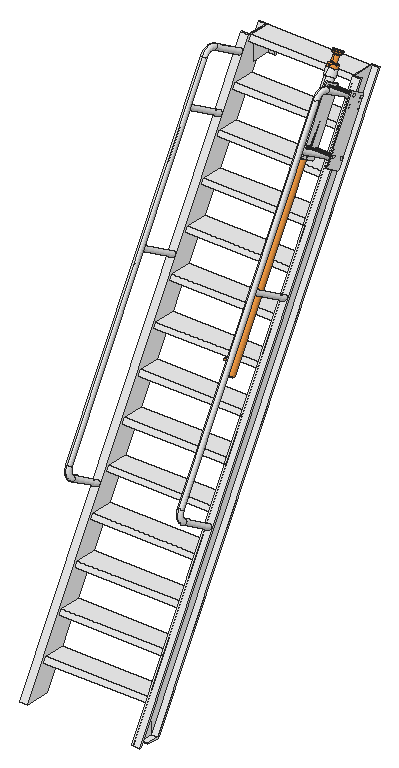
Revit family "Construction_Stairs-Precision_Ladders-Ships_Ladder-V1", category Specialty Equipment, Revit 2019 (continued)
Definition of nested family "Ladder"
  Definition of nested family "Construction_Stairs-Precision_Ladders-Extend_A_Rail_Ladder_Safety_Post"
    Dimensions and locks (in)
      aligned and locked: Extrusion 22 to plane 8
      aligned and locked: plane 12 to Revolve 14
      aligned and locked: plane 11 to Revolve 14
      aligned and locked: plane 11 to cut or joined group of Sweep 3, Sweep 6, Revolve 7, Sweep 10, Sweep 11, Sweep 12, Revolve 13, Sweep 15, Revolve 16, Sweep 18, Revolve 19, Sweep 28
      aligned and locked: plane 10 to Revolve 17
      aligned and locked: plane 9 to Revolve 17
      aligned and locked: plane 16 to Revolve 31
      aligned and locked: plane 15 to Revolve 31
      aligned and locked: plane 14 to Revolve 34
      aligned and locked: plane 13 to Revolve 34
      aligned and locked: plane 5 to Extrusion 20
      aligned and locked: Extrusion 21 to Extrusion 20
      aligned and locked: plane 6 to Extrusion 20
      aligned and locked: Masking region 5 sketch curve to Extrusion 2  (x4)
      aligned and locked: Extrusion 23 to Masking region 6 sketch curve  (x2)
      aligned and locked: Masking region 6 sketch curve to Extrusion 23  (x6)
      aligned and locked: Masking region 7 sketch curve to Extrusion 20  (x4)
      aligned and locked: Masking region 8 sketch curve to Extrusion 22  (x7)
      aligned and locked: Extrusion 22 to Masking region 8 sketch curve
      aligned and locked: Masking region 9 sketch curve to Extrusion 2  (x2)
      aligned and locked: Masking region 9 sketch curve to Extrusion 20  (x2)
      aligned and locked: Masking region 9 sketch curve to plane 4  (x2)
      aligned and locked: Masking region 9 sketch curve to plane 6  (x2)
      aligned and locked: plane 3 "Center (Left/Right)" to Sweep 3 sketch curve  (x2)
      aligned and locked: plane 3 "Center (Left/Right)" to Sweep 4 sketch curve
      aligned and locked: Sweep 4 sketch curve to plane 3 "Center (Left/Right)"
      aligned and locked: Sweep 5 sketch curve to plane 3 "Center (Left/Right)"
      aligned and locked: plane 3 "Center (Left/Right)" to Sweep 5 sketch curve  (x2)
      aligned and locked: Sweep 6 sketch curve to plane 3 "Center (Left/Right)"
      aligned and locked: plane 3 "Center (Left/Right)" to Sweep 6 sketch curve
      aligned and locked: Revolve 7 sketch curve to plane 3 "Center (Left/Right)"
      aligned and locked: plane 3 "Center (Left/Right)" to Revolve 7 sketch curve
      aligned and locked: plane 3 "Center (Left/Right)" to Sweep 10 sketch curve
      aligned and locked: Revolve 13 sketch curve to plane 3 "Center (Left/Right)"
      aligned and locked: plane 3 "Center (Left/Right)" to Revolve 14 sketch curve  (x2)
      aligned and locked: plane 3 "Center (Left/Right)" to Sweep 15 sketch curve  (x2)
      aligned and locked: plane 3 "Center (Left/Right)" to Revolve 16 sketch curve
      aligned and locked: Revolve 16 sketch curve to plane 3 "Center (Left/Right)"
      aligned and locked: Revolve 17 sketch curve to plane 3 "Center (Left/Right)"
      aligned and locked: plane 3 "Center (Left/Right)" to Sweep 18 sketch curve  (x2)
      aligned and locked: Revolve 19 sketch curve to plane 3 "Center (Left/Right)"
      aligned and locked: plane 3 "Center (Left/Right)" to Sweep 24 sketch curve  (x2)
      aligned and locked: Sweep 25 sketch curve to plane 3 "Center (Left/Right)"
      aligned and locked: plane 3 "Center (Left/Right)" to Sweep 25 sketch curve
      aligned and locked: Revolve 26 sketch curve to plane 3 "Center (Left/Right)"
      aligned and locked: plane 3 "Center (Left/Right)" to Revolve 26 sketch curve
      aligned and locked: plane 3 "Center (Left/Right)" to Sweep 27 sketch curve  (x2)
      aligned and locked: Revolve 30 sketch curve to plane 3 "Center (Left/Right)"
      aligned and locked: plane 3 "Center (Left/Right)" to Revolve 31 sketch curve
      aligned and locked: plane 3 "Center (Left/Right)" to Sweep 32 sketch curve  (x2)
      aligned and locked: plane 3 "Center (Left/Right)" to Revolve 33 sketch curve
      aligned and locked: Revolve 34 sketch curve to plane 3 "Center (Left/Right)"
      aligned and locked: plane 3 "Center (Left/Right)" to Sweep 35 sketch curve  (x2)
      aligned and locked: Revolve 36 sketch curve to plane 3 "Center (Left/Right)"
      aligned and locked: Sweep 8 sketch curve to plane 2
      aligned and locked: Sweep 24 sketch curve to plane 2
    Automatic sketch dimensions
      Extrusion 1 sketch curve to Extrusion 1 sketch curve = 8' - 0"
      Extrusion 1 sketch curve to Extrusion 1 sketch curve = 10' - 7"
      Extrusion 2 sketch curve to Extrusion 2 sketch curve = 0' - 0 1/4"  (x4)
      Extrusion 2 sketch curve to Extrusion 2 sketch curve = 0' - 0 3/16"  (x6)
      plane 3 "Center (Left/Right)" to Extrusion 2 sketch curve = 0' - 1 3/16"  (x2)
      Extrusion 2 sketch curve to Extrusion 2 sketch curve = 0' - 0 7/16"  (x4)
      Extrusion 2 sketch curve to Extrusion 2 sketch curve = 0' - 3"
      Extrusion 2 sketch curve to Extrusion 2 sketch curve = 0' - 0"  (x2)
      Extrusion 2 sketch curve to Extrusion 2 sketch curve = 0' - 3 7/16"
      Revolve 7 sketch curve to Revolve 7 sketch curve = 0' - 0 5/16"
      Sweep 8 sketch curve to Sweep 8 sketch curve = 0' - 0"  (x2)
      profile plane to Sweep 8 sketch curve = 0' - 0 1/2"
      profile plane to Sweep 8 sketch curve = 0' - 0 19/64"
      Sweep 8 sketch curve to Sweep 8 sketch curve = 0' - 0 3/64"
      Sweep 8 sketch curve to profile plane = 0' - 0 7/64"
      Sweep 8 sketch curve to Sweep 8 sketch curve = 0' - 0 9/64"
      level to Sweep 8 sketch curve = 0' - 1 1/4"
      Sweep 8 sketch curve to Sweep 8 sketch curve = 0' - 0.53742"
      Sweep 8 sketch curve to Sweep 8 sketch curve = 0' - 0.12402"
      Extrusion 9 sketch curve to Extrusion 9 sketch curve = 0' - 0"  (x2)
      Extrusion 9 sketch curve to plane 3 "Center (Left/Right)" = 0' - 0"
      Extrusion 9 sketch curve to Extrusion 9 sketch curve = 0' - 0.1329"
      Sweep 10 sketch curve to plane 3 "Center (Left/Right)" = 0' - 0"
      plane 7 to Sweep 12 sketch curve = 0' - 0.70662"
      Sweep 12 sketch curve to profile plane = 0' - 0"
      Revolve 13 sketch curve to plane 3 "Center (Left/Right)" = 0' - 0"
      Revolve 14 sketch curve to plane 12 = 0' - 0"
      Revolve 14 sketch curve to Revolve 14 sketch curve = 0' - 0"
      Revolve 14 sketch curve to plane 12 = 0' - 0.42102"
      Revolve 14 sketch curve to Revolve 14 sketch curve = 0' - 0.25937"
      Revolve 16 sketch curve to plane 10 = 0' - 0.36398"
      Revolve 16 sketch curve to Revolve 16 sketch curve = 0' - 1.38602"
      Revolve 17 sketch curve to plane 9 = 0' - 0"
      Revolve 17 sketch curve to plane 3 "Center (Left/Right)" = 0' - 0"
      Revolve 17 sketch curve to Revolve 17 sketch curve = 0' - 0"
      Revolve 17 sketch curve to plane 10 = 0' - 0.25937"
      Revolve 17 sketch curve to Revolve 17 sketch curve = 0' - 0.42102"
      Revolve 19 sketch curve to plane 3 "Center (Left/Right)" = 0' - 0"
      Revolve 19 sketch curve to plane 10 = 0' - 0.63602"
      Revolve 19 sketch curve to Revolve 19 sketch curve = 0' - 0.73898"
      Extrusion 20 sketch curve to Extrusion 20 sketch curve = 0' - 0 3/16"  (x2)
      Extrusion 20 sketch curve to Extrusion 20 sketch curve = 0' - 0 1/4"  (x2)
      Sweep 24 sketch curve to Sweep 24 sketch curve = 0' - 0"
      Sweep 24 sketch curve to Sweep 24 sketch curve = 0' - 0.14377"
      Sweep 24 sketch curve to profile plane = 0' - 0.18997"
      Sweep 24 sketch curve to Sweep 24 sketch curve = 0' - 0.04699"
      level to Sweep 24 sketch curve = 0' - 1 1/4"
      Sweep 24 sketch curve to Sweep 24 sketch curve = 0' - 0.12679"
      Revolve 26 sketch curve to Revolve 26 sketch curve = 0' - 0 13/16"
      Revolve 26 sketch curve to Revolve 26 sketch curve = 0' - 0 5/16"
      Revolve 26 sketch curve to Revolve 26 sketch curve = 0' - 2.25018"
      Revolve 26 sketch curve to Revolve 26 sketch curve = 0' - 4.43732"
      plane 7 to Sweep 29 sketch curve = 0' - 0.70662"
      Sweep 29 sketch curve to profile plane = 0' - 0"
      profile plane to Sweep 29 sketch curve = 0' - 5"
      Revolve 30 sketch curve to plane 3 "Center (Left/Right)" = 0' - 0"
      Revolve 30 sketch curve to Revolve 30 sketch curve = 0' - 1.38602"
      plane 15 to Revolve 30 sketch curve = 0' - 0.36398"
      Revolve 31 sketch curve to plane 16 = 0' - 0"
      Revolve 31 sketch curve to plane 3 "Center (Left/Right)" = 0' - 0"
      Revolve 31 sketch curve to Revolve 31 sketch curve = 0' - 0"
      Revolve 31 sketch curve to plane 16 = 0' - 0.42102"
      Revolve 31 sketch curve to Revolve 31 sketch curve = 0' - 0.25937"
      Revolve 33 sketch curve to plane 3 "Center (Left/Right)" = 0' - 0"
      Revolve 33 sketch curve to plane 14 = 0' - 0.36398"
      Revolve 33 sketch curve to Revolve 33 sketch curve = 0' - 1.38602"
      Revolve 34 sketch curve to plane 13 = 0' - 0"
      Revolve 34 sketch curve to plane 3 "Center (Left/Right)" = 0' - 0"
      Revolve 34 sketch curve to Revolve 34 sketch curve = 0' - 0"
      Revolve 34 sketch curve to plane 14 = 0' - 0.25937"
      Revolve 34 sketch curve to Revolve 34 sketch curve = 0' - 0.42102"
      Revolve 36 sketch curve to plane 3 "Center (Left/Right)" = 0' - 0"
      Revolve 36 sketch curve to plane 14 = 0' - 0.63602"
      Revolve 36 sketch curve to Revolve 36 sketch curve = 0' - 0.73898"
      Masking region 1 sketch curve to plane 3 "Center (Left/Right)" = 0' - 0"
      plane 7 to Masking region 1 sketch curve = 0' - 0 3/4"
      Masking region 2 sketch curve to plane 4 = 0' - 0"
      Masking region 2 sketch curve to level = 0' - 0"
      Masking region 2 sketch curve to plane 3 "Center (Left/Right)" = 0' - 2"
      plane 3 "Center (Left/Right)" to Masking region 2 sketch curve = 0' - 2"
      Masking region 3 sketch curve to plane 3 "Center (Left/Right)" = 0' - 0"
      plane 7 to Masking region 3 sketch curve = 0' - 0 3/4"
      Masking region 4 sketch curve to plane 3 "Center (Left/Right)" = 0' - 0"
      plane 3 "Center (Left/Right)" to Masking region 4 sketch curve = 0' - 0.40674"
      Masking region 4 sketch curve to Masking region 4 sketch curve = 0' - 0.39219"
      plane 3 "Center (Left/Right)" to Masking region 4 sketch curve = 0' - 1.15358"
      Masking region 4 sketch curve to Masking region 4 sketch curve = 0' - 0.40016"
      plane 7 to Masking region 4 sketch curve = 0' - 0 3/4"
      Masking region 4 sketch curve to Masking region 4 sketch curve = 0' - 0.60142"
      curve 1 to plane 3 "Center (Left/Right)" = 0' - 1 1/4"
      plane 3 "Center (Left/Right)" to curve 1 = 0' - 1 1/4"
      plane 7 to curve 1 = 0' - 0 3/4"
      curve 2 to plane 3 "Center (Left/Right)" = 0' - 1 9/16"
      plane 3 "Center (Left/Right)" to curve 3 = 0' - 1 9/16"
      plane 1 "Center (Front/Back)" to curve 3 = 0' - 5 13/16"
      curve 3 to plane 3 "Center (Left/Right)" = 0' - 1 9/16"
      plane 3 "Center (Left/Right)" to curve 2 = 0' - 1 9/16"
      curve 2 to plane 16 = 0' - 5 3/4"
      radius of Sweep 3 sketch curve = 0' - 0 3/4"
      radius of Sweep 4 sketch curve = 0' - 1 1/4"
      radius of Sweep 5 sketch curve = 0' - 1"
      radius of Sweep 5 sketch curve = 0' - 0 13/16"
      radius of Sweep 6 sketch curve = 0' - 0 13/16"
      radius of Sweep 10 sketch curve = 0' - 1 1/8"
      radius of Sweep 11 sketch curve = 0' - 0 1/4"
      radius of Sweep 12 sketch curve = 0' - 0 1/4"
      radius of Sweep 15 sketch curve = 0' - 0 5/8"
      radius of Sweep 18 sketch curve = 0' - 1 1/8"
      radius of Extrusion 21 sketch curve = 0' - 0 3/16"  (x4)
      radius of Extrusion 22 sketch curve = 0' - 0 1/4"  (x4)
      radius of Extrusion 23 sketch curve = 0' - 0 1/4"  (x4)
      radius of Sweep 25 sketch curve = 0' - 0 13/16"
      radius of Sweep 27 sketch curve = 0' - 1 1/8"
      radius of Sweep 28 sketch curve = 0' - 0 1/4"
      radius of Sweep 29 sketch curve = 0' - 0 1/4"
      radius of Sweep 32 sketch curve = 0' - 0 5/8"
      radius of Sweep 35 sketch curve = 0' - 1 1/8"
      radius of Masking region 1 sketch curve = 0' - 1"
      radius of Masking region 3 sketch curve = 0' - 1 1/4"
Types (2): name | With Walk-Thru | TreadArray | Riser Height Real | Model Number | LadderLength | Ladder Width MIN | Ladder Depth | Integer Angle | Extend-A-Rail Real | Extend-A-Rail | Desired Riser Height | Angle Real | Angle | Actual Riser Height
  With Walk-Thru | yes | 13 | 0' - 9 1/2" | "SL-02" | 11' - 2.67915" | 2' - 4" | 5' - 1.14305" | 63 | no | no | 0' - 9 1/2" | 63.00° | 63.00° | 0' - 9.23077"
  To Roof Hatch | no | 14 | 0' - 8 1/2" | "SL-01" | 11' - 6.56406" | 2' - 0" | 5' - 9.28203" | 60 | yes | yes | 0' - 8 1/2" | 60.00° | 60.00° | 0' - 8.57143"
